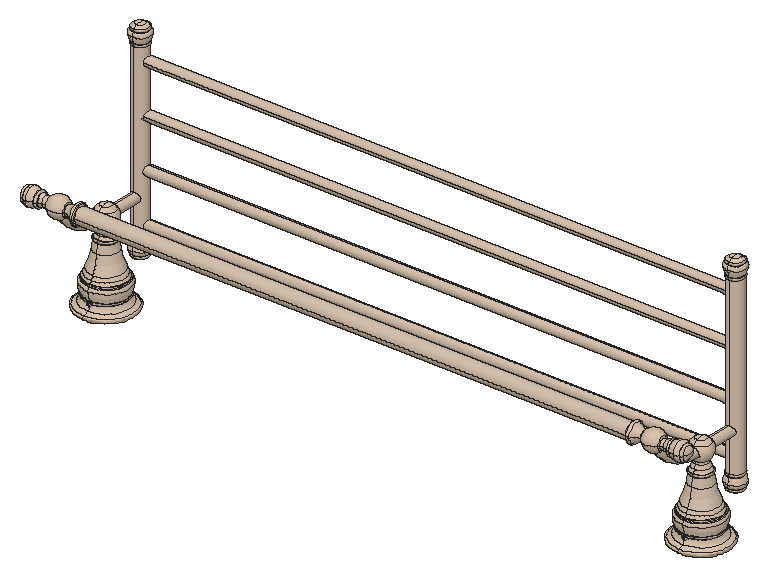
Revit family "Accessory-Towel_Bar-KOHLER-REVIVAL-K-98107T_1", category Specialty Equipment, host Face, Revit 2021
Family settings
  Host = Face
  Round Connector Dimension = Use Diameter
  Part Type = Normal
  OmniClass Number = 23.31.25.25
  OmniClass Title = Towel Bars
  Cut with Voids When Loaded = No
  Shared = No
  Room Calculation Point = No
Parameters (values of type "AF-Vibrant French Gold")
  Width = 9 1/2"  # constant formula
  WaterSense Certified = 1 = 0  # no
  URL = "http://www.kohler.com.cn/"
  Type = 1
  Product Page URL = "https://www.kohler.com.cn/product/K-98107T-CP/K-98107T-AF/"
  Product Name = "Revival"  # constant formula
  Product Documentation Link = "https://files.kohler.com.cn/pdfs/98107t.pdf"
  Model = if(Type = 1, "K-98107T-AF", if(Type = 2, "K-98107T-CP", "NA"))  # "K-98107T-AF"
  Material = "Premium Metal Construction"  # constant formula
  Master Format 2014 Name = "Toilet, Bath, and Laundry Accessories"  # constant formula
  Master Format 2014 = "10 28 00"  # constant formula
  Manufacturer Address = "Kohler Beijing Office (100016) 36-2-03-B, No. 88, Liuxiang Road, Beijing"  # constant formula
  Manufacturer = "Kohler Co."  # constant formula
  Length = 26 35/128"  # constant formula
  Height = 4.9685"  # constant formula
  Finish = Kohler-Metal-AF-Vibrant_French_Gold
  Environmental Product Declaration = ""
  Description = "24 inch Double Towel Shelf"  # constant formula
  Default Elevation = 42"
  Declare Label = ""
  Date Modified = "12/09/2022"  # constant formula
  Date Created = "12/09/2022"  # constant formula
  Copyright = "Copyright Kohler Co."  # constant formula
  Contact Us = "http://www.kohler.com.cn/contact/contact-us/"
  Assembly Code = "C1030200"
  ADA Compliant = 1 = 0  # no
Reference planes (in)
  plane 1 "Center (Front/Back)": y = 0
  plane 2: z = 0
  plane 3 "Center (Left/Right)": x = 0
  plane 4: y = 2.13594
  plane 5: y = 1.73228
  plane 6: y = 1.14961
  plane 7: x = -13.13583
  plane 8: x = 13.13761
  plane 9: y = -2.83257
  plane 10: y = -1.15117
  plane 11: y = -2.3622
  plane 12: y = -2.05118
  plane 13: y = 1.42126
  plane 14: y = 2.04331
  plane 15: y = 1.91929
  plane 16: y = 1.73228
  plane 17: y = 1.54528
  plane 18: z = 5.06231
  plane 19: x = -11.98819
  plane 20: x = 11.98819
  plane 21: x = 10.84055
  plane 22: x = -10.84055
  plane 23: z = 9.5
  plane 24: z = 2.29528
  plane 25: z = 4.26378
  plane 26: z = 6.23228
  plane 27: z = 8.20079
  plane 28: z = 4.45323
  plane 29: y = -2.67323
  plane 30: x = -13.43898
  plane 31: x = 13.43898
Dimensions and locks (in)
  "Length": plane 7 to plane 8
  "Width": plane 23 to level
  level to plane 24 = 2.29528"
  level to plane 25 = 4.26378"
  level to plane 26 = 6.23228"
  level to plane 27 = 8.20079"
  plane 12 to plane 29 = 0.62205"
  plane 15 to plane 17 = 0.37402"
  "Height": plane 9 to plane 4
  aligned and locked: plane 2 to host face
  aligned and locked: level to host face
Automatic sketch dimensions
  host sketch curve to host sketch curve = 96"  (x2)
Nested families (in)
  nested 1: "K-98107T" at (0, 0, 0), type "K-98107T"
Definition of nested family "K-98107T"
  Parameters
    Material = none
    Default Elevation = 0"
  Reference planes (in)
    plane 1 "Center (Front/Back)": y = 0
    plane 2: z = 0
    plane 3 "Center (Left/Right)": x = 0
    plane 4: x = -11.98819
    plane 5: x = 11.98819
    plane 6: y = 1.73228
    plane 7: y = -2.3622
    plane 8: x = -13.43898
    plane 9: x = 13.43898
    plane 10: z = 9.5
    plane 11: z = 4.60671
    plane 12: y = 2.13436
    plane 13: y = 1.42126
    plane 14: y = -2.83414
    plane 15: y = 1.14961
    plane 16: y = -1.14961
    plane 17: y = -2.05118
    plane 18: y = -2.67323
    plane 19: y = 1.91929
    plane 20: y = 1.54528
    plane 21: z = 8.20079
    plane 22: z = 6.23228
    plane 23: z = 4.26378
    plane 24: z = 2.29528
    plane 25: y = 2.13594
    plane 26: x = 13.13583
    plane 27: x = 10.84055
    plane 28: x = -10.84055
    plane 29: x = -13.13583
    plane 30: z = 5.03271
  Forms (in)
    Revolve 1, solid, material <- "Material", detail levels medium+fine
      sketch origin (-11.98327, 0, 0) x (0, 1, 0) y (0, 0, 1)
        loop
          line (0, 0) -> (1.09001, 0)
          arc (1.09001, 0) -> (1.15022, 0.0546) -> (1.10174, 0.11985) r 0.0605
          arc (1.10174, 0.11985) -> (1.00439, 0.1556) -> (0.92281, 0.21964) r 0.33211
          arc (0.92281, 0.21964) -> (0.85062, 0.33042) -> (0.81974, 0.45899) r 0.38865
          arc (0.81974, 0.45899) -> (0.8236, 0.47559) -> (0.836, 0.48729) r 0.02951
          arc (0.836, 0.48729) -> (0.85014, 0.50969) -> (0.83686, 0.53262) r 0.02559
          arc (0.83686, 0.53262) -> (0.82682, 0.54437) -> (0.8271, 0.55982) r 0.0218
          arc (0.8271, 0.55982) -> (0.87943, 0.7356) -> (0.89913, 0.91794) r 1.0108
          arc (0.89913, 0.91794) -> (0.88357, 0.99151) -> (0.83755, 1.05097) r 0.16839
          arc (0.83755, 1.05097) -> (0.82934, 1.06439) -> (0.83125, 1.08002) r 0.02392
          arc (0.83125, 1.08002) -> (0.83247, 1.1018) -> (0.81766, 1.11781) r 0.02793
          arc (0.81766, 1.11781) -> (0.80319, 1.12773) -> (0.79308, 1.14207) r 0.04958
          arc (0.79308, 1.14207) -> (0.76691, 1.19808) -> (0.74061, 1.25403) r 28.63004
          arc (0.74061, 1.25403) -> (0.70637, 1.32641) -> (0.67193, 1.3987) r 28.63004
          arc (0.67193, 1.3987) -> (0.5395, 1.73823) -> (0.45866, 2.09361) r 2.46061
          arc (0.45866, 2.09361) -> (0.434, 2.26777) -> (0.41243, 2.44234) r 9.93335
          arc (0.41243, 2.44234) -> (0.41529, 2.46072) -> (0.42717, 2.47505) r 0.03505
          arc (0.42717, 2.47505) -> (0.4396, 2.50581) -> (0.41652, 2.52963) r 0.03041
          arc (0.41652, 2.52963) -> (0.40046, 2.53751) -> (0.38961, 2.55173) r 0.03899
          arc (0.38961, 2.55173) -> (0.35925, 2.61934) -> (0.32867, 2.68686) r 23.02239
          arc (0.32867, 2.68686) -> (0.29627, 2.76761) -> (0.27132, 2.85096) r 0.96012
          arc (0.27132, 2.85096) -> (0.27278, 2.91249) -> (0.30559, 2.96455) r 0.11566
          arc (0.30559, 2.96455) -> (0.44243, 3.2359) -> (0.36372, 3.52942) r 0.42619
          arc (0.36372, 3.52942) -> (0.29178, 3.60809) -> (0.20389, 3.66843) r 0.46777
          arc (0.20389, 3.66843) -> (0.10505, 3.70627) -> (0, 3.71914) r 0.43532
          line (0, 3.71914) -> (0, 0)
        axis (0, 0) -> (0, 3.71914)
      angle from 0 to 360
    Revolve 2, solid, material <- "Material", detail levels medium+fine
      sketch origin (11.98327, 0, 0) x (0, 1, 0) y (0, 0, -1)
        loop
          line (0, 0) -> (0, -3.71914)
          arc (0, -3.71914) -> (0.10505, -3.70627) -> (0.20389, -3.66843) r 0.43532
          arc (0.20389, -3.66843) -> (0.29178, -3.60809) -> (0.36372, -3.52942) r 0.46777
          arc (0.36372, -3.52942) -> (0.44243, -3.2359) -> (0.30559, -2.96455) r 0.42619
          arc (0.30559, -2.96455) -> (0.27278, -2.91249) -> (0.27132, -2.85096) r 0.11566
          arc (0.27132, -2.85096) -> (0.29627, -2.76761) -> (0.32867, -2.68686) r 0.96012
          arc (0.32867, -2.68686) -> (0.35925, -2.61934) -> (0.38961, -2.55173) r 23.02239
          arc (0.38961, -2.55173) -> (0.40046, -2.53751) -> (0.41652, -2.52963) r 0.03899
          arc (0.41652, -2.52963) -> (0.4396, -2.50581) -> (0.42717, -2.47505) r 0.03041
          arc (0.42717, -2.47505) -> (0.41529, -2.46072) -> (0.41243, -2.44234) r 0.03505
          arc (0.41243, -2.44234) -> (0.434, -2.26777) -> (0.45866, -2.09361) r 9.93335
          arc (0.45866, -2.09361) -> (0.5395, -1.73823) -> (0.67193, -1.3987) r 2.46061
          arc (0.67193, -1.3987) -> (0.70637, -1.32641) -> (0.74061, -1.25403) r 28.63004
          arc (0.74061, -1.25403) -> (0.76691, -1.19808) -> (0.79308, -1.14207) r 28.63004
          arc (0.79308, -1.14207) -> (0.80319, -1.12773) -> (0.81766, -1.11781) r 0.04958
          arc (0.81766, -1.11781) -> (0.83247, -1.1018) -> (0.83125, -1.08002) r 0.02793
          arc (0.83125, -1.08002) -> (0.82934, -1.06439) -> (0.83755, -1.05097) r 0.02392
          arc (0.83755, -1.05097) -> (0.88357, -0.99151) -> (0.89913, -0.91794) r 0.16839
          arc (0.89913, -0.91794) -> (0.87943, -0.7356) -> (0.8271, -0.55982) r 1.0108
          arc (0.8271, -0.55982) -> (0.82682, -0.54437) -> (0.83686, -0.53262) r 0.0218
          arc (0.83686, -0.53262) -> (0.85014, -0.50969) -> (0.836, -0.48729) r 0.02559
          arc (0.836, -0.48729) -> (0.8236, -0.47559) -> (0.81974, -0.45899) r 0.02951
          arc (0.81974, -0.45899) -> (0.85062, -0.33042) -> (0.92281, -0.21964) r 0.38865
          arc (0.92281, -0.21964) -> (1.00439, -0.1556) -> (1.10174, -0.11985) r 0.33211
          arc (1.10174, -0.11985) -> (1.15022, -0.0546) -> (1.09001, 0) r 0.0605
          line (1.09001, 0) -> (0, 0)
        axis (0, 0) -> (0, -3.71914)
      angle from 0 to 360
    Sweep 3, solid, material <- "Material"
      path origin (0, 0, 0) x (0, 1, 0) y (0, 0, 1)
        loop
          line (1.49378, 3.27177) -> (-0.23911, 3.27177)
          arc (-0.23911, 3.27177) -> (-1.44323, 3.59085) -> (-2.33134, 4.46432) r 2.43159
      profile origin (0, 0.62734, 3.27177) x (0, 0, -1) y (1, 0, 0)
        loop
          circle (-0.01376, 11.98443) r 0.19685
    Sweep 4, solid, material <- "Material"
      path origin (0, 0, 0) x (0, 1, 0) y (0, 0, -1)
        loop
          line (1.4804, -3.27177) -> (-0.23911, -3.27177)
          arc (-0.23911, -3.27177) -> (-1.48462, -3.61498) -> (-2.37854, -4.54772) r 2.43159
      profile origin (0, 0.62064, 3.27177) x (0, 0, 1) y (-1, 0, 0)
        loop
          circle (0.01376, 11.98443) r 0.19685
    Revolve 5, solid, material <- "Material", detail levels medium+fine
      sketch origin (-11.98826, 0, -0.00076) x (0, 1, 0) y (0, 0, 1)
        loop
          line (1.73228, 0.99597) -> (1.73228, 9.50313)
          arc (1.73228, 9.50313) -> (1.63925, 9.49267) -> (1.55079, 9.46204) r 0.4235
          arc (1.55079, 9.46204) -> (1.47862, 9.42298) -> (1.41087, 9.37666) r 0.79162
          arc (1.41087, 9.37666) -> (1.39235, 9.34031) -> (1.40917, 9.30315) r 0.04709
          arc (1.40917, 9.30315) -> (1.41619, 9.2863) -> (1.40648, 9.27085) r 0.01984
          arc (1.40648, 9.27085) -> (1.34655, 9.20476) -> (1.33479, 9.11632) r 0.14986
          arc (1.33479, 9.11632) -> (1.36541, 8.99092) -> (1.41307, 8.87095) r 0.93169
          arc (1.41307, 8.87095) -> (1.41565, 8.85234) -> (1.40695, 8.83569) r 0.03083
          arc (1.40695, 8.83569) -> (1.39328, 8.79239) -> (1.42126, 8.75663) r 0.0487
          line (1.42126, 8.75663) -> (1.42126, 1.74247)
          arc (1.42126, 1.74247) -> (1.39328, 1.70671) -> (1.40695, 1.66341) r 0.0487
          arc (1.40695, 1.66341) -> (1.41565, 1.64676) -> (1.41307, 1.62815) r 0.03083
          arc (1.41307, 1.62815) -> (1.36541, 1.50818) -> (1.33479, 1.38278) r 0.93169
          arc (1.33479, 1.38278) -> (1.34655, 1.29434) -> (1.40648, 1.22825) r 0.14986
          arc (1.40648, 1.22825) -> (1.41619, 1.2128) -> (1.40917, 1.19595) r 0.01984
          arc (1.40917, 1.19595) -> (1.39235, 1.15879) -> (1.41087, 1.12244) r 0.04709
          arc (1.41087, 1.12244) -> (1.47862, 1.07612) -> (1.55079, 1.03707) r 0.79162
          arc (1.55079, 1.03707) -> (1.63925, 1.00643) -> (1.73228, 0.99597) r 0.4235
        axis (1.73228, 0.99597) -> (1.73228, 9.50313)
      angle from 0 to 360
    Revolve 6, solid, material <- "Material", detail levels medium+fine
      sketch origin (11.98826, 0, -0.00076) x (0, 1, 0) y (0, 0, -1)
        loop
          arc (1.73228, -0.99597) -> (1.63925, -1.00643) -> (1.55079, -1.03707) r 0.4235
          arc (1.55079, -1.03707) -> (1.47862, -1.07612) -> (1.41087, -1.12244) r 0.79162
          arc (1.41087, -1.12244) -> (1.39235, -1.15879) -> (1.40917, -1.19595) r 0.04709
          arc (1.40917, -1.19595) -> (1.41619, -1.2128) -> (1.40648, -1.22825) r 0.01984
          arc (1.40648, -1.22825) -> (1.34655, -1.29434) -> (1.33479, -1.38278) r 0.14986
          arc (1.33479, -1.38278) -> (1.36541, -1.50818) -> (1.41307, -1.62815) r 0.93169
          arc (1.41307, -1.62815) -> (1.41565, -1.64676) -> (1.40695, -1.66341) r 0.03083
          arc (1.40695, -1.66341) -> (1.39328, -1.70671) -> (1.42126, -1.74247) r 0.0487
          line (1.42126, -1.74247) -> (1.42126, -8.75663)
          arc (1.42126, -8.75663) -> (1.39328, -8.79239) -> (1.40695, -8.83569) r 0.0487
          arc (1.40695, -8.83569) -> (1.41565, -8.85234) -> (1.41307, -8.87095) r 0.03083
          arc (1.41307, -8.87095) -> (1.36541, -8.99092) -> (1.33479, -9.11632) r 0.93169
          arc (1.33479, -9.11632) -> (1.34655, -9.20476) -> (1.40648, -9.27085) r 0.14986
          arc (1.40648, -9.27085) -> (1.41619, -9.2863) -> (1.40917, -9.30315) r 0.01984
          arc (1.40917, -9.30315) -> (1.39235, -9.34031) -> (1.41087, -9.37666) r 0.04709
          arc (1.41087, -9.37666) -> (1.47862, -9.42298) -> (1.55079, -9.46204) r 0.79162
          arc (1.55079, -9.46204) -> (1.63925, -9.49267) -> (1.73228, -9.50313) r 0.4235
          line (1.73228, -9.50313) -> (1.73228, -0.99597)
        axis (1.73228, -0.99597) -> (1.73228, -9.50313)
      angle from 0 to 360
    Revolve 7, solid, material <- "Material", detail levels medium+fine
      sketch origin (0, 0, 4.62598) x (1, 0, 0) y (0, 1, 0)
        loop
          line (-11.12809, -2.05118) -> (-11.12809, -2.00702)
          arc (-11.12809, -2.00702) -> (-11.13633, -1.98221) -> (-11.15778, -1.96727) r 0.04146
          arc (-11.15778, -1.96727) -> (-11.21385, -1.96658) -> (-11.26197, -1.99537) r 0.10301
          arc (-11.26197, -1.99537) -> (-11.4126, -2.10808) -> (-11.59246, -2.16327) r 0.5485
          arc (-11.59246, -2.16327) -> (-11.61002, -2.16676) -> (-11.62691, -2.17268) r 0.12679
          line (-11.62691, -2.17268) -> (-11.64911, -2.15049) -> (-11.64911, -2.11576)
          arc (-11.64911, -2.11576) -> (-11.99032, -1.95593) -> (-12.33019, -2.11859) r 0.44023
          line (-12.33019, -2.11859) -> (-12.33019, -2.17314)
          arc (-12.33019, -2.17314) -> (-12.42344, -2.17438) -> (-12.51605, -2.1634) r 0.71041
          arc (-12.51605, -2.1634) -> (-12.59453, -2.14768) -> (-12.67253, -2.12977) r 2.86165
          arc (-12.67253, -2.12977) -> (-12.68562, -2.12121) -> (-12.69043, -2.10632) r 0.02348
          arc (-12.69043, -2.10632) -> (-12.72022, -2.06004) -> (-12.77418, -2.0709) r 0.04883
          arc (-12.77418, -2.0709) -> (-12.79, -2.07922) -> (-12.80768, -2.07667) r 0.02897
          arc (-12.80768, -2.07667) -> (-12.92881, -2.02829) -> (-13.05591, -1.99899) r 0.85139
          arc (-13.05591, -1.99899) -> (-13.14293, -2.01154) -> (-13.20849, -2.07013) r 0.15216
          arc (-13.20849, -2.07013) -> (-13.22489, -2.08031) -> (-13.24282, -2.07319) r 0.02145
          arc (-13.24282, -2.07319) -> (-13.29356, -2.05834) -> (-13.32907, -2.09751) r 0.0498
          arc (-13.32907, -2.09751) -> (-13.40634, -2.22072) -> (-13.43998, -2.3622) r 0.44706
          line (-13.43998, -2.3622) -> (13.43998, -2.3622)
          arc (13.43998, -2.3622) -> (13.40634, -2.22072) -> (13.32907, -2.09751) r 0.44706
          arc (13.32907, -2.09751) -> (13.29356, -2.05834) -> (13.24282, -2.07319) r 0.0498
          arc (13.24282, -2.07319) -> (13.22489, -2.08031) -> (13.20849, -2.07013) r 0.02145
          arc (13.20849, -2.07013) -> (13.14293, -2.01154) -> (13.05591, -1.99899) r 0.15216
          arc (13.05591, -1.99899) -> (12.92881, -2.02829) -> (12.80768, -2.07667) r 0.85139
          arc (12.80768, -2.07667) -> (12.79, -2.07922) -> (12.77418, -2.0709) r 0.02897
          arc (12.77418, -2.0709) -> (12.72022, -2.06004) -> (12.69043, -2.10632) r 0.04883
          arc (12.69043, -2.10632) -> (12.68562, -2.12121) -> (12.67253, -2.12977) r 0.02348
          arc (12.67253, -2.12977) -> (12.59453, -2.14768) -> (12.51605, -2.1634) r 2.86165
          arc (12.51605, -2.1634) -> (12.42344, -2.17438) -> (12.33019, -2.17314) r 0.71041
          line (12.33019, -2.17314) -> (12.33019, -2.11859)
          arc (12.33019, -2.11859) -> (11.99032, -1.95593) -> (11.64911, -2.11576) r 0.44023
          line (11.64911, -2.11576) -> (11.64911, -2.15049) -> (11.62691, -2.17268)
          arc (11.62691, -2.17268) -> (11.61002, -2.16676) -> (11.59246, -2.16327) r 0.12679
          arc (11.59246, -2.16327) -> (11.4126, -2.10808) -> (11.26197, -1.99537) r 0.5485
          arc (11.26197, -1.99537) -> (11.21385, -1.96658) -> (11.15778, -1.96727) r 0.10301
          arc (11.15778, -1.96727) -> (11.13633, -1.98221) -> (11.12809, -2.00702) r 0.04146
          line (11.12809, -2.00702) -> (11.12809, -2.05118) -> (-11.12809, -2.05118)
        axis (-13.43998, -2.3622) -> (13.43998, -2.3622)
      angle from 0 to 360
    Revolve 8, solid, material <- "Material", detail levels medium+fine
      sketch origin (0.34449, -0.00615, 8.20005) x (1, 0, 0) y (0, 1, 0)
        loop
          line (11.62107, 1.73228) -> (11.62107, 1.91929) -> (-12.18288, 1.91929) -> (-12.18288, 1.73228) -> (11.62107, 1.73228)
        axis (11.62107, 1.73228) -> (-12.18288, 1.73228)
      angle from 0 to 360
    Revolve 9, solid, material <- "Material", detail levels medium+fine
      sketch origin (0, 1.72244, 0) x (1, 0, 0) y (0, 0, 1)
        loop
          line (11.79134, 4.26378) -> (11.79134, 4.45323) -> (-11.79134, 4.45323) -> (-11.79134, 4.26378) -> (11.79134, 4.26378)
        axis (-11.79134, 4.26378) -> (11.79134, 4.26378)
      angle from 0 to 360
    Extrusion 10, void
      sketch origin (0, 0, 0.02153) x (1, 0, 0) y (0, 0, 1)
        loop
          circle (-11.98885, 0.43736) r 0.11655
      from 0.53044 to 0.95609
    Extrusion 11, void
      sketch origin (0, 0, 0.02153) x (-1, 0, 0) y (0, 0, -1)
        loop
          circle (-11.98885, -0.43736) r 0.11655
      from 0.53044 to 0.95609
    Revolve 12, solid, detail levels medium+fine
      sketch origin (-11.98942, -0.02348, 0.00112) x (0, 1, 0) y (0, 0, 1)
        loop
          line (-0.53044, 0.45889) -> (-0.53044, 0.56555) -> (-0.78019, 0.56555) -> (-0.78019, 0.45889) -> (-0.53044, 0.45889)
        axis (-0.53044, 0.45889) -> (-0.78019, 0.45889)
      angle from 0 to 360
    Revolve 13, solid, detail levels medium+fine
      sketch origin (11.98942, -0.02348, 0.00112) x (0, 1, 0) y (0, 0, -1)
        loop
          line (-0.53044, -0.45889) -> (-0.7835, -0.45889) -> (-0.7835, -0.56555) -> (-0.53044, -0.56555) -> (-0.53044, -0.45889)
        axis (-0.53044, -0.45889) -> (-0.7835, -0.45889)
      angle from 0 to 360
    Extrusion 14, void
      sketch origin (0, 0, 0) x (1, 0, 0) y (0, 0, 1)
        loop
          line (-12.01695, 0.51086) -> (-12.04342, 0.46502) -> (-12.01695, 0.41918) -> (-11.96403, 0.41918) -> (-11.93756, 0.46502) -> (-11.96403, 0.51086) -> (-12.01695, 0.51086)
      from 0.55392 to 0.87473
    Extrusion 15, void
      sketch origin (0, 0, 0) x (-1, 0, 0) y (0, 0, -1)
        loop
          line (-12.01695, -0.51086) -> (-11.96403, -0.51086) -> (-11.93756, -0.46502) -> (-11.96403, -0.41918) -> (-12.01695, -0.41918) -> (-12.04342, -0.46502) -> (-12.01695, -0.51086)
      from 0.55392 to 0.87473
    Revolve 16, solid, material <- "Material", detail levels medium+fine
      sketch origin (0.34449, 0, 6.23155) x (1, 0, 0) y (0, 1, 0)
        loop
          line (11.62107, 1.73228) -> (11.62107, 1.91929) -> (-12.18288, 1.91929) -> (-12.18288, 1.73228) -> (11.62107, 1.73228)
        axis (11.62107, 1.73228) -> (-12.18288, 1.73228)
      angle from 0 to 360
    Revolve 17, solid, material <- "Material", detail levels medium+fine
      sketch origin (0, 1.73474, 0) x (1, 0, 0) y (0, 0, 1)
        loop
          line (11.81272, 2.29528) -> (11.81272, 2.48472) -> (-11.81272, 2.48472) -> (-11.81272, 2.29528) -> (11.81272, 2.29528)
        axis (-11.81272, 2.29528) -> (11.81272, 2.29528)
      angle from 0 to 360
    Revolve 18, solid, material <- "Material", detail levels coarse
      sketch origin (0, 0, 0) x (1, 0, 0) y (0, 0, 1)
        loop
          line (-11.96223, 0.00116) -> (-10.85133, 0.00116) -> (-11.53914, 2.49871) -> (-11.70981, 2.94331)
          arc (-11.70981, 2.94331) -> (-11.56059, 3.42251) -> (-11.96223, 3.72348) r 0.43508
          line (-11.96223, 3.72348) -> (-11.96223, 0.00116)
        axis (-11.96223, 0.00116) -> (-11.96223, 3.72348)
      angle from 0 to 360
    Revolve 19, solid, material <- "Material", detail levels coarse
      sketch origin (0, 0, 0) x (-1, 0, 0) y (0, 0, -1)
        loop
          line (-11.96223, -0.00116) -> (-11.96223, -3.72348)
          arc (-11.96223, -3.72348) -> (-11.56059, -3.42251) -> (-11.70981, -2.94331) r 0.43508
          line (-11.70981, -2.94331) -> (-11.53914, -2.49871) -> (-10.85133, -0.00116) -> (-11.96223, -0.00116)
        axis (-11.96223, -0.00116) -> (-11.96223, -3.72348)
      angle from 0 to 360
    Extrusion 20, solid, material <- "Material", detail levels coarse
      sketch origin (0, 0, 0) x (0, 1, 0) y (0, 0, 1)
        loop
          circle (1.73474, 2.29528) r 0.18945
        loop
          circle (1.72244, 4.26378) r 0.18945
        loop
          circle (1.73228, 6.23155) r 0.18701
        loop
          circle (1.72613, 8.20005) r 0.18701
      from -11.8384 to 11.96556
    Extrusion 21, solid, material <- "Material", detail levels coarse
      sketch origin (0, 0, 0) x (1, 0, 0) y (0, 1, 0)
        loop
          circle (11.99017, 1.73474) r 0.3937
      from 0.97943 to 9.50814
    Extrusion 22, solid, material <- "Material", detail levels coarse
      sketch origin (0, 0, 0) x (-1, 0, 0) y (0, -1, 0)
        loop
          circle (11.99017, -1.73474) r 0.3937
      from 0.97943 to 9.50814
    Extrusion 23, solid, material <- "Material", detail levels coarse
      sketch origin (0, 0, 0) x (0, 1, 0) y (0, 0, 1)
        loop
          circle (-2.36664, 4.63147) r 0.3937
      from -13.32907 to 13.4177
  Cuts and joins
    Extrusion 11 cuts Revolve 2
    joined: Revolve 2, Revolve 5, Revolve 6, Revolve 7, Revolve 8, Revolve 9
    joined: Sweep 3, Sweep 4
    Extrusion 10, Extrusion 11 cuts Revolve 1
    Extrusion 14, Extrusion 15 cuts Revolve 12
    Extrusion 15 cuts Revolve 13
  Lines and regions (in)
    Masking region 1
      outline origin (0, 0, 0) x (1, 0, 0) y (0, 1, 0)
        loop
          arc (-11.63047, 1.91929) -> (-12.269, 2.02225) -> (-12.18658, 1.38075) r 0.40365
          line (-12.18658, 1.38075) -> (-12.18658, 1.1321)
          arc (-12.18658, 1.1321) -> (-13.13754, -0.00038) -> (-12.18583, -1.13223) r 1.14935
          line (-12.18583, -1.13223) -> (-12.18583, -2.0023)
          arc (-12.18583, -2.0023) -> (-12.26424, -2.05272) -> (-12.33019, -2.11859) r 0.43771
          line (-12.33019, -2.11859) -> (-12.33019, -2.17314)
          arc (-12.33019, -2.17314) -> (-12.36964, -2.17426) -> (-12.4091, -2.17314) r 0.6987
          arc (-12.4091, -2.17314) -> (-12.43809, -2.17238) -> (-12.46698, -2.16987) r 0.47973
          arc (-12.46698, -2.16987) -> (-12.56875, -2.15389) -> (-12.66898, -2.1301) r 1.33073
          arc (-12.66898, -2.1301) -> (-12.68425, -2.12014) -> (-12.69102, -2.10322) r 0.03023
          arc (-12.69102, -2.10322) -> (-12.72307, -2.0601) -> (-12.77574, -2.0707) r 0.05018
          arc (-12.77574, -2.0707) -> (-12.79027, -2.07788) -> (-12.80629, -2.07548) r 0.02706
          arc (-12.80629, -2.07548) -> (-12.93216, -2.02627) -> (-13.06425, -1.9977) r 0.84742
          arc (-13.06425, -1.9977) -> (-13.14628, -2.01119) -> (-13.20679, -2.0682) r 0.14237
          arc (-13.20679, -2.0682) -> (-13.22476, -2.07993) -> (-13.24477, -2.07219) r 0.02351
          arc (-13.24477, -2.07219) -> (-13.29007, -2.05688) -> (-13.3264, -2.08799) r 0.04838
          arc (-13.3264, -2.08799) -> (-13.34127, -2.10971) -> (-13.35635, -2.13129) r 2.80065
          arc (-13.35635, -2.13129) -> (-13.44019, -2.39551) -> (-13.35635, -2.65973) r 0.45827
          arc (-13.35635, -2.65973) -> (-13.34127, -2.68237) -> (-13.3264, -2.70409) r 2.80065
          arc (-13.3264, -2.70409) -> (-13.29007, -2.7352) -> (-13.24477, -2.71989) r 0.04838
          arc (-13.24477, -2.71989) -> (-13.22476, -2.71215) -> (-13.20679, -2.72387) r 0.02351
          arc (-13.20679, -2.72387) -> (-13.14628, -2.78089) -> (-13.06425, -2.79438) r 0.14237
          arc (-13.06425, -2.79438) -> (-12.93216, -2.7658) -> (-12.80629, -2.71659) r 0.84742
          arc (-12.80629, -2.71659) -> (-12.79027, -2.71419) -> (-12.77574, -2.72138) r 0.02706
          arc (-12.77574, -2.72138) -> (-12.72307, -2.73197) -> (-12.69102, -2.68886) r 0.05018
          arc (-12.69102, -2.68886) -> (-12.68425, -2.67194) -> (-12.66898, -2.66198) r 0.03023
          arc (-12.66898, -2.66198) -> (-12.56875, -2.63818) -> (-12.46698, -2.62221) r 1.33073
          arc (-12.46698, -2.62221) -> (-12.43809, -2.6197) -> (-12.4091, -2.61894) r 0.47973
          arc (-12.4091, -2.61894) -> (-12.36964, -2.61782) -> (-12.33019, -2.61894) r 0.6987
          line (-12.33019, -2.61894) -> (-12.33019, -2.67349)
          arc (-12.33019, -2.67349) -> (-12.26424, -2.73936) -> (-12.18583, -2.78977) r 0.43771
          arc (-12.18583, -2.78977) -> (-11.8968, -2.82624) -> (-11.6489, -2.67323) r 0.43771
          line (-11.6489, -2.67323) -> (-11.6489, -2.62099)
          arc (-11.6489, -2.62099) -> (-11.5743, -2.63707) -> (-11.50007, -2.65483) r 3.37838
          arc (-11.50007, -2.65483) -> (-11.43074, -2.67931) -> (-11.36715, -2.71622) r 0.39479
          arc (-11.36715, -2.71622) -> (-11.31419, -2.75681) -> (-11.26416, -2.80097) r 0.96259
          arc (-11.26416, -2.80097) -> (-11.21791, -2.82833) -> (-11.16438, -2.83302) r 0.12121
          arc (-11.16438, -2.83302) -> (-11.13844, -2.81902) -> (-11.12809, -2.79141) r 0.042
          line (-11.12809, -2.79141) -> (-11.12809, -2.67323) -> (11.12809, -2.67323) -> (11.12809, -2.79141)
          arc (11.12809, -2.79141) -> (11.13844, -2.81902) -> (11.16438, -2.83302) r 0.042
          arc (11.16438, -2.83302) -> (11.21791, -2.82833) -> (11.26416, -2.80097) r 0.12121
          arc (11.26416, -2.80097) -> (11.31419, -2.75681) -> (11.36715, -2.71622) r 0.96259
          arc (11.36715, -2.71622) -> (11.43074, -2.67931) -> (11.50007, -2.65483) r 0.39479
          arc (11.50007, -2.65483) -> (11.5743, -2.63707) -> (11.6489, -2.62099) r 3.37838
          line (11.6489, -2.62099) -> (11.6489, -2.67323)
          arc (11.6489, -2.67323) -> (11.8968, -2.82624) -> (12.18583, -2.78977) r 0.43771
          arc (12.18583, -2.78977) -> (12.26424, -2.73936) -> (12.33019, -2.67349) r 0.43771
          line (12.33019, -2.67349) -> (12.33019, -2.61894)
          arc (12.33019, -2.61894) -> (12.36964, -2.61782) -> (12.4091, -2.61894) r 0.6987
          arc (12.4091, -2.61894) -> (12.43809, -2.6197) -> (12.46698, -2.62221) r 0.47973
          arc (12.46698, -2.62221) -> (12.56875, -2.63818) -> (12.66898, -2.66198) r 1.33073
          arc (12.66898, -2.66198) -> (12.68425, -2.67194) -> (12.69102, -2.68886) r 0.03023
          arc (12.69102, -2.68886) -> (12.72307, -2.73197) -> (12.77574, -2.72138) r 0.05018
          arc (12.77574, -2.72138) -> (12.79027, -2.71419) -> (12.80629, -2.71659) r 0.02706
          arc (12.80629, -2.71659) -> (12.93216, -2.7658) -> (13.06425, -2.79438) r 0.84742
          arc (13.06425, -2.79438) -> (13.14628, -2.78089) -> (13.20679, -2.72387) r 0.14237
          arc (13.20679, -2.72387) -> (13.22476, -2.71215) -> (13.24477, -2.71989) r 0.02351
          arc (13.24477, -2.71989) -> (13.29007, -2.7352) -> (13.3264, -2.70409) r 0.04838
          arc (13.3264, -2.70409) -> (13.34127, -2.68237) -> (13.35635, -2.66079) r 2.80065
          arc (13.35635, -2.66079) -> (13.44019, -2.39551) -> (13.35635, -2.13129) r 0.45827
          arc (13.35635, -2.13129) -> (13.34127, -2.10971) -> (13.3264, -2.08799) r 2.80065
          arc (13.3264, -2.08799) -> (13.29007, -2.05688) -> (13.24477, -2.07219) r 0.04838
          arc (13.24477, -2.07219) -> (13.22476, -2.07993) -> (13.20679, -2.0682) r 0.02351
          arc (13.20679, -2.0682) -> (13.14628, -2.01119) -> (13.06425, -1.9977) r 0.14237
          arc (13.06425, -1.9977) -> (12.93216, -2.02627) -> (12.80629, -2.07548) r 0.84742
          arc (12.80629, -2.07548) -> (12.79027, -2.07788) -> (12.77574, -2.0707) r 0.02706
          arc (12.77574, -2.0707) -> (12.72307, -2.0601) -> (12.69102, -2.10322) r 0.05018
          arc (12.69102, -2.10322) -> (12.68425, -2.12014) -> (12.66898, -2.1301) r 0.03023
          arc (12.66898, -2.1301) -> (12.56875, -2.15389) -> (12.46698, -2.16987) r 1.33073
          arc (12.46698, -2.16987) -> (12.43809, -2.17238) -> (12.4091, -2.17314) r 0.47973
          arc (12.4091, -2.17314) -> (12.36964, -2.17426) -> (12.33019, -2.17314) r 0.6987
          line (12.33019, -2.17314) -> (12.33019, -2.11859)
          arc (12.33019, -2.11859) -> (12.26424, -2.05272) -> (12.18583, -2.0023) r 0.43771
          line (12.18583, -2.0023) -> (12.18583, -1.13223)
          arc (12.18583, -1.13223) -> (13.13754, -0.00015) -> (12.18612, 1.13218) r 1.14935
          line (12.18612, 1.13218) -> (12.18612, 1.38049)
          arc (12.18612, 1.38049) -> (12.26918, 2.02207) -> (11.63047, 1.91929) r 0.40365
          line (11.63047, 1.91929) -> (-11.63047, 1.91929)
        loop
          line (-11.78768, -1.13173) -> (-11.78768, -2.00526)
          arc (-11.78768, -2.00526) -> (-11.71254, -2.05476) -> (-11.64911, -2.11859) r 0.43771
          line (-11.64911, -2.11859) -> (-11.64911, -2.17728)
          arc (-11.64911, -2.17728) -> (-11.5744, -2.16118) -> (-11.50007, -2.1434) r 3.37838
          arc (-11.50007, -2.1434) -> (-11.43074, -2.11892) -> (-11.36715, -2.08201) r 0.39479
          arc (-11.36715, -2.08201) -> (-11.31419, -2.04142) -> (-11.26416, -1.99726) r 0.96259
          arc (-11.26416, -1.99726) -> (-11.21791, -1.96989) -> (-11.16438, -1.96521) r 0.12121
          arc (-11.16438, -1.96521) -> (-11.13844, -1.97921) -> (-11.12809, -2.00682) r 0.042
          line (-11.12809, -2.00682) -> (-11.12809, -2.05118) -> (11.12809, -2.05118) -> (11.12809, -2.00682)
          arc (11.12809, -2.00682) -> (11.13844, -1.97921) -> (11.16438, -1.96521) r 0.042
          arc (11.16438, -1.96521) -> (11.21791, -1.96989) -> (11.26416, -1.99726) r 0.12121
          arc (11.26416, -1.99726) -> (11.31419, -2.04142) -> (11.36715, -2.08201) r 0.96259
          arc (11.36715, -2.08201) -> (11.43074, -2.11892) -> (11.50007, -2.1434) r 0.39479
          arc (11.50007, -2.1434) -> (11.5744, -2.16118) -> (11.64911, -2.17728) r 3.37838
          line (11.64911, -2.17728) -> (11.64911, -2.11859)
          arc (11.64911, -2.11859) -> (11.71254, -2.05476) -> (11.78768, -2.00526) r 0.43771
          line (11.78768, -2.00526) -> (11.78768, -1.13173)
          arc (11.78768, -1.13173) -> (10.83884, 0.00131) -> (11.79025, 1.13218) r 1.14935
          line (11.79025, 1.13218) -> (11.79025, 1.38049)
          arc (11.79025, 1.38049) -> (11.6984, 1.45129) -> (11.63047, 1.54528) r 0.40365
          line (11.63047, 1.54528) -> (-11.63047, 1.54528)
          arc (-11.63047, 1.54528) -> (-11.69822, 1.45148) -> (-11.7898, 1.38075) r 0.40365
          line (-11.7898, 1.38075) -> (-11.7898, 1.1321)
          arc (-11.7898, 1.1321) -> (-10.83884, 0.00107) -> (-11.78768, -1.13173) r 1.14935
    Masking region 2
      outline origin (0, 0, 0) x (1, 0, 0) y (0, 0, 1)
        loop
          arc (13.09219, 0) -> (13.13574, 0.06246) -> (13.0859, 0.12003) r 0.062
          arc (13.0859, 0.12003) -> (13.02834, 0.13732) -> (12.97514, 0.16528) r 0.31342
          arc (12.97514, 0.16528) -> (12.90156, 0.22896) -> (12.84737, 0.3098) r 0.36567
          arc (12.84737, 0.3098) -> (12.82034, 0.38086) -> (12.80699, 0.45571) r 0.40706
          arc (12.80699, 0.45571) -> (12.81051, 0.47313) -> (12.82279, 0.48596) r 0.0319
          arc (12.82279, 0.48596) -> (12.83693, 0.50952) -> (12.82448, 0.53401) r 0.02838
          arc (12.82448, 0.53401) -> (12.81314, 0.54934) -> (12.81389, 0.5684) r 0.02873
          arc (12.81389, 0.5684) -> (12.82899, 0.6066) -> (12.84396, 0.64485) r 12.69625
          arc (12.84396, 0.64485) -> (12.86011, 0.69711) -> (12.8686, 0.75114) r 0.38091
          arc (12.8686, 0.75114) -> (12.87529, 0.82733) -> (12.88254, 0.90347) r 10.62773
          arc (12.88254, 0.90347) -> (12.87196, 0.9818) -> (12.82769, 1.04742) r 0.17135
          arc (12.82769, 1.04742) -> (12.81901, 1.06209) -> (12.8201, 1.0791) r 0.02897
          arc (12.8201, 1.0791) -> (12.81944, 1.10277) -> (12.80233, 1.11912) r 0.03113
          arc (12.80233, 1.11912) -> (12.78621, 1.12968) -> (12.77569, 1.14583) r 0.04693
          arc (12.77569, 1.14583) -> (12.75293, 1.20035) -> (12.72752, 1.25369) r 1.20036
          arc (12.72752, 1.25369) -> (12.59404, 1.55769) -> (12.49507, 1.8746) r 2.99253
          arc (12.49507, 1.8746) -> (12.43498, 2.16057) -> (12.39798, 2.45042) r 3.64539
          arc (12.39798, 2.45042) -> (12.40113, 2.46582) -> (12.41217, 2.47701) r 0.02762
          arc (12.41217, 2.47701) -> (12.42634, 2.50795) -> (12.40084, 2.53049) r 0.02857
          arc (12.40084, 2.53049) -> (12.3863, 2.53602) -> (12.37684, 2.54837) r 0.02842
          arc (12.37684, 2.54837) -> (12.36174, 2.58484) -> (12.34547, 2.62079) r 1.20666
          arc (12.34547, 2.62079) -> (12.32044, 2.67659) -> (12.29765, 2.73334) r 1.53833
          line (12.29765, 2.73334) -> (12.29765, 2.97284)
          arc (12.29765, 2.97284) -> (12.42784, 3.27982) -> (12.29765, 3.5868) r 0.427
          line (12.29765, 3.5868) -> (12.29765, 4.31382) -> (12.32729, 4.34915) -> (12.32729, 4.40462)
          arc (12.32729, 4.40462) -> (12.36087, 4.4049) -> (12.39446, 4.4049) r 4.11095
          arc (12.39446, 4.4049) -> (12.4766, 4.40069) -> (12.55798, 4.38879) r 0.87429
          arc (12.55798, 4.38879) -> (12.61438, 4.37634) -> (12.67009, 4.3611) r 1.15947
          arc (12.67009, 4.3611) -> (12.68296, 4.35192) -> (12.68758, 4.3368) r 0.02457
          arc (12.68758, 4.3368) -> (12.71718, 4.2909) -> (12.77059, 4.30227) r 0.04809
          arc (12.77059, 4.30227) -> (12.78589, 4.31051) -> (12.80309, 4.30801) r 0.02767
          arc (12.80309, 4.30801) -> (12.84582, 4.28828) -> (12.88971, 4.27127) r 0.75138
          arc (12.88971, 4.27127) -> (12.96316, 4.24824) -> (13.03803, 4.23036) r 1.11095
          arc (13.03803, 4.23036) -> (13.08761, 4.22774) -> (13.13583, 4.23962) r 0.16935
          arc (13.13583, 4.23962) -> (13.17543, 4.26438) -> (13.20452, 4.30092) r 0.13808
          arc (13.20452, 4.30092) -> (13.22023, 4.31164) -> (13.23816, 4.30527) r 0.021
          arc (13.23816, 4.30527) -> (13.27392, 4.2886) -> (13.31146, 4.30079) r 0.05385
          arc (13.31146, 4.30079) -> (13.32364, 4.31506) -> (13.33018, 4.33264) r 0.05385
          arc (13.33018, 4.33264) -> (13.43901, 4.62743) -> (13.33044, 4.92232) r 0.45421
          arc (13.33044, 4.92232) -> (13.32402, 4.94076) -> (13.31146, 4.95569) r 0.05385
          arc (13.31146, 4.95569) -> (13.27392, 4.96788) -> (13.23816, 4.95121) r 0.05385
          arc (13.23816, 4.95121) -> (13.22023, 4.94484) -> (13.20452, 4.95556) r 0.021
          arc (13.20452, 4.95556) -> (13.17543, 4.99211) -> (13.13583, 5.01686) r 0.13808
          arc (13.13583, 5.01686) -> (13.08761, 5.02874) -> (13.03803, 5.02612) r 0.16935
          arc (13.03803, 5.02612) -> (12.96316, 5.00824) -> (12.88971, 4.98521) r 1.11095
          arc (12.88971, 4.98521) -> (12.84582, 4.9682) -> (12.80309, 4.94847) r 0.75138
          arc (12.80309, 4.94847) -> (12.78589, 4.94597) -> (12.77059, 4.95422) r 0.02767
          arc (12.77059, 4.95422) -> (12.71718, 4.96559) -> (12.68758, 4.91969) r 0.04809
          arc (12.68758, 4.91969) -> (12.68296, 4.90456) -> (12.67009, 4.89538) r 0.02457
          arc (12.67009, 4.89538) -> (12.61438, 4.88014) -> (12.55798, 4.8677) r 1.15947
          arc (12.55798, 4.8677) -> (12.4766, 4.85579) -> (12.39446, 4.85159) r 0.87429
          arc (12.39446, 4.85159) -> (12.36087, 4.85159) -> (12.32729, 4.85186) r 4.11095
          line (12.32729, 4.85186) -> (12.32729, 4.90734) -> (12.29919, 4.94083) -> (12.29919, 8.75244)
          arc (12.29919, 8.75244) -> (12.3263, 8.78982) -> (12.31279, 8.83397) r 0.05177
          arc (12.31279, 8.83397) -> (12.30447, 8.85139) -> (12.30798, 8.87036) r 0.03124
          arc (12.30798, 8.87036) -> (12.35944, 8.99467) -> (12.38412, 9.12693) r 0.64795
          arc (12.38412, 9.12693) -> (12.36853, 9.20815) -> (12.31339, 9.26978) r 0.15496
          arc (12.31339, 9.26978) -> (12.30335, 9.28668) -> (12.31086, 9.30484) r 0.02196
          arc (12.31086, 9.30484) -> (12.32614, 9.35248) -> (12.2909, 9.38798) r 0.04817
          arc (12.2909, 9.38798) -> (12.2331, 9.43016) -> (12.16986, 9.46362) r 0.49797
          arc (12.16986, 9.46362) -> (12.08101, 9.4917) -> (11.98819, 9.5) r 0.43019
          arc (11.98819, 9.5) -> (11.89537, 9.4917) -> (11.80652, 9.46362) r 0.43019
          arc (11.80652, 9.46362) -> (11.74327, 9.43016) -> (11.68548, 9.38798) r 0.49797
          arc (11.68548, 9.38798) -> (11.65024, 9.35248) -> (11.66551, 9.30484) r 0.04817
          arc (11.66551, 9.30484) -> (11.67303, 9.28668) -> (11.66299, 9.26978) r 0.02196
          arc (11.66299, 9.26978) -> (11.60785, 9.20815) -> (11.59226, 9.12693) r 0.15496
          arc (11.59226, 9.12693) -> (11.61694, 8.99467) -> (11.6684, 8.87036) r 0.64795
          arc (11.6684, 8.87036) -> (11.6719, 8.85139) -> (11.66359, 8.83397) r 0.03124
          arc (11.66359, 8.83397) -> (11.65008, 8.78982) -> (11.67719, 8.75244) r 0.05177
          line (11.67719, 8.75244) -> (11.67719, 8.39024) -> (0.24959, 8.39024) -> (-11.67719, 8.39024) -> (-11.67719, 8.75244)
          arc (-11.67719, 8.75244) -> (-11.65008, 8.78982) -> (-11.66359, 8.83397) r 0.05177
          arc (-11.66359, 8.83397) -> (-11.6719, 8.85139) -> (-11.6684, 8.87036) r 0.03124
          arc (-11.6684, 8.87036) -> (-11.61694, 8.99467) -> (-11.59226, 9.12693) r 0.64795
          arc (-11.59226, 9.12693) -> (-11.60785, 9.20815) -> (-11.66299, 9.26978) r 0.15496
          arc (-11.66299, 9.26978) -> (-11.67303, 9.28668) -> (-11.66551, 9.30484) r 0.02196
          arc (-11.66551, 9.30484) -> (-11.65024, 9.35248) -> (-11.68548, 9.38798) r 0.04817
          arc (-11.68548, 9.38798) -> (-11.74327, 9.43016) -> (-11.80652, 9.46362) r 0.49797
          arc (-11.80652, 9.46362) -> (-11.89537, 9.4917) -> (-11.98819, 9.5) r 0.43019
          arc (-11.98819, 9.5) -> (-12.08101, 9.4917) -> (-12.16986, 9.46362) r 0.43019
          arc (-12.16986, 9.46362) -> (-12.2331, 9.43016) -> (-12.2909, 9.38798) r 0.49797
          arc (-12.2909, 9.38798) -> (-12.32614, 9.35248) -> (-12.31086, 9.30484) r 0.04817
          arc (-12.31086, 9.30484) -> (-12.30335, 9.28668) -> (-12.31339, 9.26978) r 0.02196
          arc (-12.31339, 9.26978) -> (-12.36853, 9.20815) -> (-12.38412, 9.12693) r 0.15496
          arc (-12.38412, 9.12693) -> (-12.35944, 8.99467) -> (-12.30798, 8.87036) r 0.64795
          arc (-12.30798, 8.87036) -> (-12.30447, 8.85139) -> (-12.31279, 8.83397) r 0.03124
          arc (-12.31279, 8.83397) -> (-12.3263, 8.78982) -> (-12.29919, 8.75244) r 0.05177
          line (-12.29919, 8.75244) -> (-12.29919, 4.94083) -> (-12.32729, 4.90734) -> (-12.32729, 4.85186)
          arc (-12.32729, 4.85186) -> (-12.36087, 4.85159) -> (-12.39446, 4.85159) r 4.11095
          arc (-12.39446, 4.85159) -> (-12.4766, 4.85579) -> (-12.55798, 4.8677) r 0.87429
          arc (-12.55798, 4.8677) -> (-12.61438, 4.88014) -> (-12.67009, 4.89538) r 1.15947
          arc (-12.67009, 4.89538) -> (-12.68296, 4.90456) -> (-12.68758, 4.91969) r 0.02457
          arc (-12.68758, 4.91969) -> (-12.71718, 4.96559) -> (-12.77059, 4.95422) r 0.04809
          arc (-12.77059, 4.95422) -> (-12.78589, 4.94597) -> (-12.80309, 4.94847) r 0.02767
          arc (-12.80309, 4.94847) -> (-12.84582, 4.9682) -> (-12.88971, 4.98521) r 0.75138
          arc (-12.88971, 4.98521) -> (-12.96316, 5.00824) -> (-13.03803, 5.02612) r 1.11095
          arc (-13.03803, 5.02612) -> (-13.08761, 5.02874) -> (-13.13583, 5.01686) r 0.16935
          arc (-13.13583, 5.01686) -> (-13.17543, 4.99211) -> (-13.20452, 4.95556) r 0.13808
          arc (-13.20452, 4.95556) -> (-13.22023, 4.94484) -> (-13.23816, 4.95121) r 0.021
          arc (-13.23816, 4.95121) -> (-13.27392, 4.96788) -> (-13.31146, 4.95569) r 0.05385
          arc (-13.31146, 4.95569) -> (-13.32402, 4.94076) -> (-13.33044, 4.92232) r 0.05385
          arc (-13.33044, 4.92232) -> (-13.43901, 4.62743) -> (-13.33018, 4.33264) r 0.45421
          arc (-13.33018, 4.33264) -> (-13.32364, 4.31506) -> (-13.31146, 4.30079) r 0.05385
          arc (-13.31146, 4.30079) -> (-13.27392, 4.2886) -> (-13.23816, 4.30527) r 0.05385
          arc (-13.23816, 4.30527) -> (-13.22023, 4.31164) -> (-13.20452, 4.30092) r 0.021
          arc (-13.20452, 4.30092) -> (-13.17543, 4.26438) -> (-13.13583, 4.23962) r 0.13808
          arc (-13.13583, 4.23962) -> (-13.08761, 4.22774) -> (-13.03803, 4.23036) r 0.16935
          arc (-13.03803, 4.23036) -> (-12.96316, 4.24824) -> (-12.88971, 4.27127) r 1.11095
          arc (-12.88971, 4.27127) -> (-12.84582, 4.28828) -> (-12.80309, 4.30801) r 0.75138
          arc (-12.80309, 4.30801) -> (-12.78589, 4.31051) -> (-12.77059, 4.30227) r 0.02767
          arc (-12.77059, 4.30227) -> (-12.71718, 4.2909) -> (-12.68758, 4.3368) r 0.04809
          arc (-12.68758, 4.3368) -> (-12.68296, 4.35192) -> (-12.67009, 4.3611) r 0.02457
          arc (-12.67009, 4.3611) -> (-12.61438, 4.37634) -> (-12.55798, 4.38879) r 1.15947
          arc (-12.55798, 4.38879) -> (-12.4766, 4.40069) -> (-12.39446, 4.4049) r 0.87429
          arc (-12.39446, 4.4049) -> (-12.36087, 4.4049) -> (-12.32729, 4.40462) r 4.11095
          line (-12.32729, 4.40462) -> (-12.32729, 4.34915) -> (-12.29765, 4.31382) -> (-12.29765, 3.5868)
          arc (-12.29765, 3.5868) -> (-12.42784, 3.27982) -> (-12.29765, 2.97284) r 0.427
          line (-12.29765, 2.97284) -> (-12.29765, 2.73334)
          arc (-12.29765, 2.73334) -> (-12.32044, 2.67659) -> (-12.34547, 2.62079) r 1.53833
          arc (-12.34547, 2.62079) -> (-12.36174, 2.58484) -> (-12.37684, 2.54837) r 1.20666
          arc (-12.37684, 2.54837) -> (-12.3863, 2.53602) -> (-12.40084, 2.53049) r 0.02842
          arc (-12.40084, 2.53049) -> (-12.42634, 2.50795) -> (-12.41217, 2.47701) r 0.02857
          arc (-12.41217, 2.47701) -> (-12.40113, 2.46582) -> (-12.39798, 2.45042) r 0.02762
          arc (-12.39798, 2.45042) -> (-12.43498, 2.16057) -> (-12.49507, 1.8746) r 3.64539
          arc (-12.49507, 1.8746) -> (-12.59404, 1.55769) -> (-12.72752, 1.25369) r 2.99253
          arc (-12.72752, 1.25369) -> (-12.75293, 1.20035) -> (-12.77569, 1.14583) r 1.20036
          arc (-12.77569, 1.14583) -> (-12.78621, 1.12968) -> (-12.80233, 1.11912) r 0.04693
          arc (-12.80233, 1.11912) -> (-12.81944, 1.10277) -> (-12.8201, 1.0791) r 0.03113
          arc (-12.8201, 1.0791) -> (-12.81901, 1.06209) -> (-12.82734, 1.04704) r 0.02897
          arc (-12.82734, 1.04704) -> (-12.87196, 0.9818) -> (-12.88254, 0.90347) r 0.17135
          arc (-12.88254, 0.90347) -> (-12.87529, 0.82733) -> (-12.8686, 0.75114) r 10.62773
          arc (-12.8686, 0.75114) -> (-12.86011, 0.69711) -> (-12.84396, 0.64485) r 0.38091
          arc (-12.84396, 0.64485) -> (-12.82899, 0.6066) -> (-12.81389, 0.5684) r 12.69625
          arc (-12.81389, 0.5684) -> (-12.81314, 0.54934) -> (-12.82448, 0.53401) r 0.02873
          arc (-12.82448, 0.53401) -> (-12.83693, 0.50952) -> (-12.82279, 0.48596) r 0.02838
          arc (-12.82279, 0.48596) -> (-12.81051, 0.47313) -> (-12.80699, 0.45571) r 0.0319
          arc (-12.80699, 0.45571) -> (-12.82034, 0.38086) -> (-12.84737, 0.3098) r 0.40706
          arc (-12.84737, 0.3098) -> (-12.90156, 0.22896) -> (-12.97514, 0.16528) r 0.36567
          arc (-12.97514, 0.16528) -> (-13.02834, 0.13732) -> (-13.0859, 0.12003) r 0.31342
          arc (-13.0859, 0.12003) -> (-13.13574, 0.06246) -> (-13.09219, 0) r 0.062
          line (-13.09219, 0) -> (-10.88419, 0)
          arc (-10.88419, 0) -> (-10.84063, 0.06246) -> (-10.89048, 0.12003) r 0.062
          arc (-10.89048, 0.12003) -> (-10.94804, 0.13732) -> (-11.00123, 0.16528) r 0.31342
          arc (-11.00123, 0.16528) -> (-11.07482, 0.22896) -> (-11.129, 0.3098) r 0.36567
          arc (-11.129, 0.3098) -> (-11.15604, 0.38086) -> (-11.16938, 0.45571) r 0.40706
          arc (-11.16938, 0.45571) -> (-11.16587, 0.47313) -> (-11.15358, 0.48596) r 0.0319
          arc (-11.15358, 0.48596) -> (-11.13945, 0.50952) -> (-11.1519, 0.53401) r 0.02838
          arc (-11.1519, 0.53401) -> (-11.16324, 0.54934) -> (-11.16248, 0.5684) r 0.02873
          arc (-11.16248, 0.5684) -> (-11.14739, 0.6066) -> (-11.13242, 0.64485) r 12.69625
          arc (-11.13242, 0.64485) -> (-11.11627, 0.69711) -> (-11.10778, 0.75114) r 0.38091
          arc (-11.10778, 0.75114) -> (-11.10108, 0.82733) -> (-11.09384, 0.90347) r 10.62773
          arc (-11.09384, 0.90347) -> (-11.10442, 0.9818) -> (-11.14869, 1.04742) r 0.17135
          arc (-11.14869, 1.04742) -> (-11.15736, 1.06209) -> (-11.15628, 1.0791) r 0.02897
          arc (-11.15628, 1.0791) -> (-11.15694, 1.10277) -> (-11.17405, 1.11912) r 0.03113
          arc (-11.17405, 1.11912) -> (-11.19017, 1.12968) -> (-11.20069, 1.14583) r 0.04693
          arc (-11.20069, 1.14583) -> (-11.22345, 1.20035) -> (-11.24886, 1.25369) r 1.20036
          arc (-11.24886, 1.25369) -> (-11.42172, 1.66961) -> (-11.5302, 2.10677) r 2.99253
          line (-11.5302, 2.10677) -> (11.5302, 2.10677)
          arc (11.5302, 2.10677) -> (11.42172, 1.66961) -> (11.24886, 1.25369) r 2.99253
          arc (11.24886, 1.25369) -> (11.22345, 1.20035) -> (11.20069, 1.14583) r 1.20036
          arc (11.20069, 1.14583) -> (11.19017, 1.12968) -> (11.17405, 1.11912) r 0.04693
          arc (11.17405, 1.11912) -> (11.15694, 1.10277) -> (11.15628, 1.0791) r 0.03113
          arc (11.15628, 1.0791) -> (11.15736, 1.06209) -> (11.14903, 1.04704) r 0.02897
          arc (11.14903, 1.04704) -> (11.10442, 0.9818) -> (11.09384, 0.90347) r 0.17135
          arc (11.09384, 0.90347) -> (11.10108, 0.82733) -> (11.10778, 0.75114) r 10.62773
          arc (11.10778, 0.75114) -> (11.11627, 0.69711) -> (11.13242, 0.64485) r 0.38091
          arc (11.13242, 0.64485) -> (11.14739, 0.6066) -> (11.16248, 0.5684) r 12.69625
          arc (11.16248, 0.5684) -> (11.16324, 0.54934) -> (11.1519, 0.53401) r 0.02873
          arc (11.1519, 0.53401) -> (11.13945, 0.50952) -> (11.15358, 0.48596) r 0.02838
          arc (11.15358, 0.48596) -> (11.16587, 0.47313) -> (11.16938, 0.45571) r 0.0319
          arc (11.16938, 0.45571) -> (11.15604, 0.38086) -> (11.129, 0.3098) r 0.40706
          arc (11.129, 0.3098) -> (11.07482, 0.22896) -> (11.00123, 0.16528) r 0.36567
          arc (11.00123, 0.16528) -> (10.94804, 0.13732) -> (10.89048, 0.12003) r 0.31342
          arc (10.89048, 0.12003) -> (10.84063, 0.06246) -> (10.88419, 0) r 0.062
          line (10.88419, 0) -> (13.09219, 0)
        loop
          arc (11.56774, 2.5309) -> (11.58679, 2.5339) -> (11.59954, 2.54837) r 0.02842
          arc (11.59954, 2.54837) -> (11.61463, 2.58484) -> (11.63091, 2.62079) r 1.20666
          arc (11.63091, 2.62079) -> (11.65594, 2.67659) -> (11.67873, 2.73334) r 1.53833
          line (11.67873, 2.73334) -> (11.67873, 2.97284)
          arc (11.67873, 2.97284) -> (11.54853, 3.27982) -> (11.67873, 3.5868) r 0.427
          line (11.67873, 3.5868) -> (11.67873, 4.07528) -> (-11.67873, 4.07528) -> (-11.67873, 3.5868)
          arc (-11.67873, 3.5868) -> (-11.54853, 3.27982) -> (-11.67873, 2.97284) r 0.427
          line (-11.67873, 2.97284) -> (-11.67873, 2.73334)
          arc (-11.67873, 2.73334) -> (-11.65594, 2.67659) -> (-11.63091, 2.62079) r 1.53833
          arc (-11.63091, 2.62079) -> (-11.61463, 2.58484) -> (-11.59954, 2.54837) r 1.20666
          arc (-11.59954, 2.54837) -> (-11.58679, 2.5339) -> (-11.56774, 2.5309) r 0.02842
          arc (-11.56774, 2.5309) -> (-11.54795, 2.51086) -> (-11.55199, 2.48298) r 0.03162
          line (-11.55199, 2.48298) -> (11.55199, 2.48298)
          arc (11.55199, 2.48298) -> (11.54795, 2.51086) -> (11.56774, 2.5309) r 0.03162
        loop
          line (11.67608, 8.01228) -> (-11.67608, 8.01228) -> (-11.67608, 6.42173) -> (11.67608, 6.42173) -> (11.67608, 8.01228)
        loop
          line (-11.59924, 4.85013) -> (-11.647, 4.85013) -> (-11.647, 4.90746) -> (-11.67608, 4.93976) -> (-11.67608, 6.04378) -> (11.67608, 6.04378) -> (11.67608, 4.93976) -> (11.647, 4.90746) -> (11.647, 4.85013) -> (11.59924, 4.85013)
        loop
          arc (11.59474, 4.85066) -> (11.56749, 4.8585) -> (11.5405, 4.86723) r 0.85164
          arc (11.5405, 4.86723) -> (11.44919, 4.8988) -> (11.36183, 4.94006) r 0.89155
          arc (11.36183, 4.94006) -> (11.29292, 4.98025) -> (11.22678, 5.02484) r 1.22451
          arc (11.22678, 5.02484) -> (11.1701, 5.05916) -> (11.12715, 5.0087) r 0.05112
          line (11.12715, 5.0087) -> (11.12715, 4.93791) -> (0, 4.93791) -> (-11.12715, 4.93791) -> (-11.12715, 5.0087)
          arc (-11.12715, 5.0087) -> (-11.1701, 5.05916) -> (-11.22678, 5.02484) r 0.05112
          arc (-11.22678, 5.02484) -> (-11.29292, 4.98025) -> (-11.36183, 4.94006) r 1.22451
          arc (-11.36183, 4.94006) -> (-11.44919, 4.8988) -> (-11.5405, 4.86723) r 0.89155
          arc (-11.5405, 4.86723) -> (-11.56749, 4.8585) -> (-11.59474, 4.85066) r 0.85164
    Masking region 3
      outline origin (0, 0, 0) x (0, 1, 0) y (0, 0, 1)
        loop
          line (-1.0894, 0) -> (1.0894, 0)
          arc (1.0894, 0) -> (1.14985, 0.05434) -> (1.10224, 0.12022) r 0.06079
          arc (1.10224, 0.12022) -> (0.97513, 0.17591) -> (0.87977, 0.27675) r 0.34894
          arc (0.87977, 0.27675) -> (0.84164, 0.35639) -> (0.82192, 0.44245) r 0.39973
          arc (0.82192, 0.44245) -> (0.82509, 0.46624) -> (0.83915, 0.48568) r 0.04909
          arc (0.83915, 0.48568) -> (0.8502, 0.51116) -> (0.83643, 0.53528) r 0.03103
          arc (0.83643, 0.53528) -> (0.82715, 0.54774) -> (0.82785, 0.56327) r 0.02314
          arc (0.82785, 0.56327) -> (0.86357, 0.66873) -> (0.88617, 0.77775) r 0.91173
          arc (0.88617, 0.77775) -> (0.89427, 0.84956) -> (0.89791, 0.92173) r 1.16567
          arc (0.89791, 0.92173) -> (0.88339, 0.9924) -> (0.83994, 1.05) r 0.16394
          arc (0.83994, 1.05) -> (0.83134, 1.06382) -> (0.83242, 1.08006) r 0.02655
          arc (0.83242, 1.08006) -> (0.83253, 1.10239) -> (0.81746, 1.11886) r 0.03063
          arc (0.81746, 1.11886) -> (0.80183, 1.13037) -> (0.79121, 1.14662) r 0.05473
          arc (0.79121, 1.14662) -> (0.75405, 1.22981) -> (0.71373, 1.31151) r 2.36848
          arc (0.71373, 1.31151) -> (0.62716, 1.50077) -> (0.55942, 1.69754) r 2.13674
          arc (0.55942, 1.69754) -> (0.47015, 2.06586) -> (0.41442, 2.44072) r 4.20474
          arc (0.41442, 2.44072) -> (0.41728, 2.4604) -> (0.42915, 2.47636) r 0.04063
          arc (0.42915, 2.47636) -> (0.43972, 2.50656) -> (0.4176, 2.52969) r 0.03062
          arc (0.4176, 2.52969) -> (0.398, 2.54035) -> (0.38552, 2.55884) r 0.04696
          arc (0.38552, 2.55884) -> (0.34173, 2.67017) -> (0.29324, 2.77953) r 2.81035
          arc (0.29324, 2.77953) -> (0.27576, 2.82753) -> (0.2671, 2.87788) r 0.28599
          arc (0.2671, 2.87788) -> (0.27516, 2.92733) -> (0.30534, 2.96732) r 0.10434
          arc (0.30534, 2.96732) -> (0.35757, 3.02025) -> (0.39697, 3.08332) r 0.33833
          line (0.39697, 3.08332) -> (1.42126, 3.08332) -> (1.42126, 1.74171)
          arc (1.42126, 1.74171) -> (1.39311, 1.70659) -> (1.4068, 1.66371) r 0.04761
          arc (1.4068, 1.66371) -> (1.41471, 1.6491) -> (1.41281, 1.63259) r 0.02764
          arc (1.41281, 1.63259) -> (1.36739, 1.51534) -> (1.33389, 1.39414) r 1.2593
          arc (1.33389, 1.39414) -> (1.33172, 1.34184) -> (1.34794, 1.29208) r 0.14756
          arc (1.34794, 1.29208) -> (1.37363, 1.25587) -> (1.40741, 1.22705) r 0.17998
          arc (1.40741, 1.22705) -> (1.41628, 1.21189) -> (1.40963, 1.19563) r 0.01983
          arc (1.40963, 1.19563) -> (1.39342, 1.15879) -> (1.4109, 1.12253) r 0.04808
          arc (1.4109, 1.12253) -> (1.49324, 1.06515) -> (1.58379, 1.02183) r 0.6186
          arc (1.58379, 1.02183) -> (1.73228, 0.99443) -> (1.88078, 1.02183) r 0.41605
          arc (1.88078, 1.02183) -> (1.97132, 1.06515) -> (2.05367, 1.12253) r 0.6186
          arc (2.05367, 1.12253) -> (2.07115, 1.15879) -> (2.05493, 1.19563) r 0.04808
          arc (2.05493, 1.19563) -> (2.04829, 1.21189) -> (2.05716, 1.22705) r 0.01983
          arc (2.05716, 1.22705) -> (2.09094, 1.25587) -> (2.11663, 1.29208) r 0.17998
          arc (2.11663, 1.29208) -> (2.13285, 1.34184) -> (2.13068, 1.39414) r 0.14756
          arc (2.13068, 1.39414) -> (2.09718, 1.51534) -> (2.05175, 1.63259) r 1.2593
          arc (2.05175, 1.63259) -> (2.04986, 1.6491) -> (2.05777, 1.66371) r 0.02764
          arc (2.05777, 1.66371) -> (2.07145, 1.70659) -> (2.04331, 1.74171) r 0.04761
          line (2.04331, 1.74171) -> (2.04331, 8.75273)
          arc (2.04331, 8.75273) -> (2.07054, 8.78388) -> (2.0631, 8.82459) r 0.04761
          arc (2.0631, 8.82459) -> (2.05523, 8.84484) -> (2.05841, 8.86633) r 0.0424
          arc (2.05841, 8.86633) -> (2.09976, 8.97627) -> (2.13068, 9.08959) r 1.2593
          arc (2.13068, 9.08959) -> (2.1342, 9.12455) -> (2.12936, 9.15935) r 0.14756
          arc (2.12936, 9.15935) -> (2.10174, 9.22065) -> (2.05569, 9.26963) r 0.20386
          arc (2.05569, 9.26963) -> (2.0468, 9.28708) -> (2.05491, 9.3049) r 0.02255
          arc (2.05491, 9.3049) -> (2.07093, 9.35358) -> (2.03422, 9.38934) r 0.04838
          arc (2.03422, 9.38934) -> (1.95029, 9.44231) -> (1.85862, 9.48036) r 0.58569
          arc (1.85862, 9.48036) -> (1.72055, 9.49983) -> (1.58379, 9.4726) r 0.41605
          arc (1.58379, 9.4726) -> (1.50596, 9.43649) -> (1.43388, 9.38997) r 0.6186
          arc (1.43388, 9.38997) -> (1.3941, 9.35531) -> (1.40966, 9.3049) r 0.04838
          arc (1.40966, 9.3049) -> (1.41777, 9.28708) -> (1.40888, 9.26963) r 0.02255
          arc (1.40888, 9.26963) -> (1.37431, 9.2397) -> (1.34794, 9.20235) r 0.18892
          arc (1.34794, 9.20235) -> (1.33172, 9.15259) -> (1.33389, 9.1003) r 0.14756
          arc (1.33389, 9.1003) -> (1.36739, 8.9791) -> (1.41281, 8.86184) r 1.2593
          arc (1.41281, 8.86184) -> (1.41471, 8.84534) -> (1.4068, 8.83072) r 0.02764
          arc (1.4068, 8.83072) -> (1.39311, 8.78785) -> (1.42126, 8.75273) r 0.04761
          line (1.42126, 8.75273) -> (1.42126, 3.48293) -> (0.39697, 3.48293)
          arc (0.39697, 3.48293) -> (0.31564, 3.58958) -> (0.20772, 3.6692) r 0.4745
          arc (0.20772, 3.6692) -> (0, 3.72156) -> (-0.20772, 3.6692) r 0.43821
          arc (-0.20772, 3.6692) -> (-0.31062, 3.59245) -> (-0.38686, 3.48918) r 0.43821
          arc (-0.38686, 3.48918) -> (-0.7777, 3.5463) -> (-1.14961, 3.67935) r 1.99393
          arc (-1.14961, 3.67935) -> (-1.63727, 3.98625) -> (-2.03889, 4.39943) r 2.42803
          arc (-2.03889, 4.39943) -> (-2.5324, 4.99724) -> (-2.4082, 4.23206) r 0.40157
          arc (-2.4082, 4.23206) -> (-2.08303, 3.8369) -> (-1.69707, 3.50087) r 3.08828
          arc (-1.69707, 3.50087) -> (-1.4343, 3.33737) -> (-1.14961, 3.21603) r 2.01595
          arc (-1.14961, 3.21603) -> (-0.77833, 3.1211) -> (-0.39697, 3.08332) r 2.53114
          arc (-0.39697, 3.08332) -> (-0.35757, 3.02025) -> (-0.30534, 2.96732) r 0.33833
          arc (-0.30534, 2.96732) -> (-0.27516, 2.92733) -> (-0.2671, 2.87788) r 0.10434
